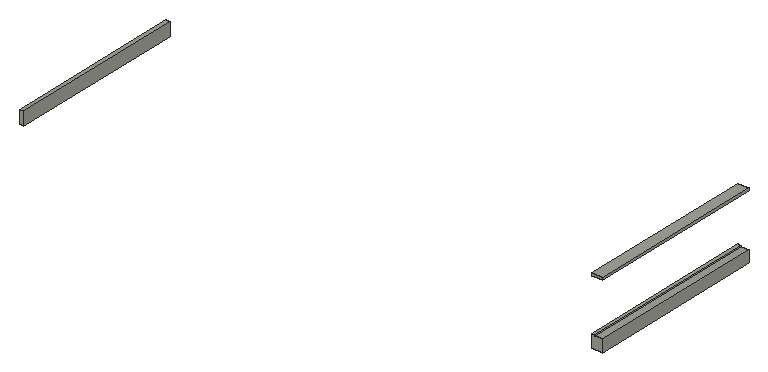
Revit family "CT_Bloco_C_Viga_Perfil_Transversal", category Structural Framing, Revit 2025
Family settings
  Display in Hidden Views = Edges Hidden by Other Members
  Structural Framing Length Roundoff = 0.000 m
  Section Shape = Not Defined
  Material for Model Behavior = Concrete
  Always export as geometry = No
  Work Plane-Based = No
  Always vertical = Yes
  Cut with Voids When Loaded = Yes
  Symbolic Representation = From Family
  Shared = No
  Show family pre-cut in plan views = Yes
Parameters (values of type "VIG_BLC_CON_PRF_C")
  Structural Material [instance] = CT_Concreto
  Material_Vigas_Janelas [instance] = CT_Concreto
  Material_Vigas = CT_Concreto
  Comprimento [instance] = 7.500 m
Reference planes (m)
  plane 1 "Centro (Frente/Trás)": y = 0
  plane 2: z = 0
  plane 3 "Centro (Esquerda/Direita)": x = 0
  plane 4: x = -14.3501
  plane 5: x = 9.6249
  plane 6: y = -7.5
Forms (m)
  Extrusion 1, solid, material "CT_Concreto" <- "Material_Vigas"
    sketch origin (0, 0, 0.06) x (1, 0, 0) y (0, 0, 1)
      loop
        line (9.6249, 4.15) -> (9.6249, 4.65) -> (9.3249, 4.65) -> (9.3249, 4.7) -> (9.1749, 4.7) -> (9.1749, 4.15) -> (9.6249, 4.15)
      loop
        line (-14.3501, 4.15) -> (-14.2001, 4.15) -> (-14.2001, 4.7) -> (-14.3501, 4.7) -> (-14.3501, 4.15)
    from 0 to 7.5
  Extrusion 2, solid, material "CT_Concreto" <- "Material_Vigas_Janelas"
    sketch origin (0, 0, 0.06) x (1, 0, 0) y (0, 0, 1)
      loop
        line (9.6249, 6.92) -> (9.1749, 6.92) -> (9.1749, 6.82) -> (9.6249, 6.82) -> (9.6249, 6.92)
    from 0 to 7.5
Dimensions and locks (m)
  plane 5 to plane 3 "Centro (Esquerda/Direita)" to plane 4 = 9.6249 m locked, 14.3501 m locked
  "Comprimento": plane 1 "Centro (Frente/Trás)" to plane 6
  aligned and locked: level to plane 2
  aligned and locked: plane 6 to Extrusion 2
  aligned and locked: plane 6 to Extrusion 1
Automatic sketch dimensions
  Extrusion 1 sketch curve to plane 4 = 0.000 m
  Extrusion 1 sketch curve to plane 5 = 0.000 m
  plane 4 to Extrusion 1 sketch curve = 0.150 m
  Extrusion 1 sketch curve to Extrusion 1 sketch curve = 0.450 m
  Extrusion 1 sketch curve to Extrusion 1 sketch curve = 0.150 m
  level to Extrusion 1 sketch curve = 4.210 m  (x2)
  Extrusion 1 sketch curve to Extrusion 1 sketch curve = 0.500 m
  Extrusion 1 sketch curve to Extrusion 1 sketch curve = 0.050 m
  Extrusion 1 sketch curve to Extrusion 1 sketch curve = 0.550 m
  Extrusion 2 sketch curve to plane 5 = 0.000 m
  Extrusion 2 sketch curve to plane 5 = 0.450 m
  level to Extrusion 2 sketch curve = 6.880 m
  Extrusion 2 sketch curve to Extrusion 2 sketch curve = 0.100 m
